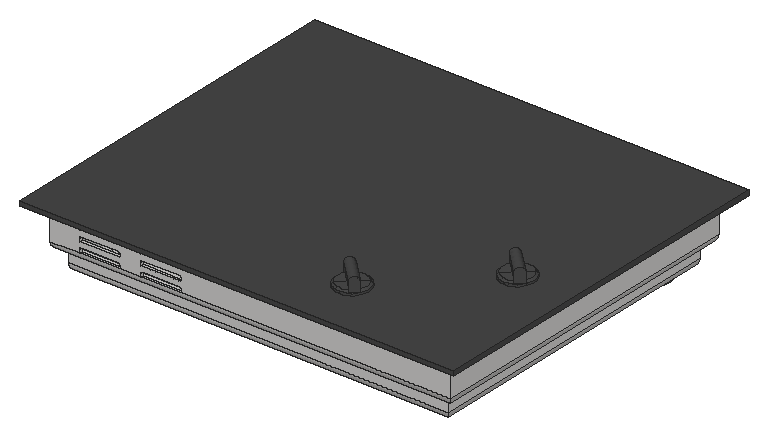
Revit family "QF_Summit_CR2B223G_2_Burner_Cooktop", category Specialty Equipment, Revit 2020
Family settings
  Round Connector Dimension = Use Diameter
  Part Type = Normal
  Work Plane-Based = No
  Always vertical = Yes
  Cut with Voids When Loaded = No
  Shared = No
  Room Calculation Point = No
Parameters
  Weight in Pounds = 18
  Watts = 1800 W
  Volts = 230 V
  URL Cutsheet = ""
  Specification by User = ""
  Specification by Manufacturer = ""
  Show Clearance [instance] = yes
  Serial Number = ""
  Seismic Rating = ""
  SMACNA No = ""
  Revision Code = ""
  Phase = 1
  Number of Poles = 1
  NAFEM Spec ID Number = ""
  Model = "CR2B223G"
  Min Ckt Ampacity = 0 A
  Max Overcurrent Protection = 0 A
  Masterspec = ""
  Manufacturer = "Summit"
  Length = 21 1/4"
  Item Number = ""
  Installed By = ""
  Identify Quantity as Lot = yes
  Height = 3 1/4"
  HP = ""
  Furnished By = ""
  Foodservice Equipment Identifier = yes
  FL Amps = 20 A
  Electrical Remarks = "1200 W (1-burner)"
  Electric Connection Type = ""
  Elec Conn RI Height = 0"
  Elec Conn Connection Height = 0"
  Description = "2-Burner Cooktop"
  Depth = 18"
  Default Elevation = 0"
  Cycle = 60 Hz
  Conn Plug = ""
  Conn Conduit = yes
  CSI MasterFormat = ""
  Apparent Power = if(Phase = 3, Volts * FL Amps * 1.73, Volts * FL Amps)  # 4600 VA
Reference planes (in)
  plane 1 "BACK": y = 0
  plane 2: z = 0
  plane 3 "LEFT": x = 0
  plane 4 "RIGHT": x = 21.25
  plane 5 "FRONT": y = -18
  plane 6 "TOP": z = 3
  plane 7 "Center Y": x = 10.625
  plane 8 "Center X": y = -9
  plane 9: z = 3.25
  plane 10: z = 4.25
Forms (in)
  Sweep 1, solid, material "QF_Metal_Stainless_Brushed"
    path origin (0, 0, 3) x (-1, 0, 0) y (0, -1, 0)
      loop
        line (0, 0) -> (0, 18) -> (-21.25, 18) -> (-21.25, 0) -> (0, 0)
    profile origin (0, -9, 3) x (1, 0, 0) y (0, 0, 1)
      loop
        line (0.8125, 0) -> (0.8125, -1.625)
        arc (0.8125, -1.625) -> (0.922335, -1.890165) -> (1.1875, -2) r 0.375
        line (1.1875, -2) -> (1.3125, -2) -> (1.3125, -2.625)
        arc (1.3125, -2.625) -> (1.422335, -2.890165) -> (1.6875, -3) r 0.375
        line (1.6875, -3) -> (1.6875, -2.875)
        arc (1.6875, -2.875) -> (1.5107233, -2.8017767) -> (1.4375, -2.625) r 0.25
        line (1.4375, -2.625) -> (1.4375, -1.875) -> (1.1875, -1.875)
        arc (1.1875, -1.875) -> (1.0107233, -1.8017767) -> (0.9375, -1.625) r 0.25
        line (0.9375, -1.625) -> (0.9375, 0) -> (0.8125, 0)
  Revolve 2, solid, material "QF_Plastic_Black_Smooth"
    sketch origin (23.6139631, -6.1360369, 0.3127421) x (0.707107, 0.707107, 0) y (0, 0, 1)
      loop
        line (-13.2426437, 2.9372579) -> (-13.2426437, 3.310037) -> (-13.9613937, 3.310037) -> (-14.0551437, 3.216287) -> (-14.0551437, 3.122537) -> (-13.3668437, 3.122537) -> (-13.3668437, 2.9372579) -> (-13.2426437, 2.9372579)
      axis (-13.2426437, 3.310037) -> (-13.2426437, 2.9372579)
    angle from 0 to 360
  Extrusion 3, solid, material "QF_Metal_Black"
    sketch origin (0, 0, 3) x (-1, 0, 0) y (0, -1, 0)
      loop
        line (0, 0) -> (0, 18) -> (-21.25, 18) -> (-21.25, 0) -> (0, 0)
    from 0 to 0.25
  Sweep 4, solid, material "QF_Rubber_Black_Smooth"
    path origin (0, -18, 1) x (1, 0, 0) y (0, 0, 1)
      loop
        line (18.25, 0) -> (18.25, -0.2517072)
        arc (18.25, -0.2517072) -> (18.1001916, -0.6133767) -> (17.7385221, -0.7631851) r 0.5114779
        line (17.7385221, -0.7631851) -> (15.40625, -0.7631851)
    profile origin (18.25, -18, 0.8741464) x (0, -1, 0) y (1, 0, 0)
      loop
        circle (-16, 1) r 0.4064891
  Extrusion 5, solid, material "QF_Metal_Stainless_Brushed"
    sketch origin (0, 0, 0) x (1, 0, 0) y (0, 1, 0)
      loop
        line (19.5630044, -1.6869767) -> (1.6875, -1.6869767) -> (1.6875, -16.3125) -> (19.5630044, -16.3125) -> (19.5630044, -1.6869767)
    from 0 to 0.125
  Extrusion 6, solid, material "QF_Plastic_Black_Smooth"
    sketch origin (-4.3936598, -17.0088835, 0) x (0.707107, 0.707107, 0) y (0, 0, 1)
      loop
        line (14.4709709, 3.5290291) -> (14.4709709, 4.0267914)
        arc (14.4709709, 4.0267914) -> (14.25, 4.2477623) -> (14.0290291, 4.0267914) r 0.2209709
        line (14.0290291, 4.0267914) -> (14.0290291, 3.5290291) -> (14.4709709, 3.5290291)
    from 11.3430342 to 12.8891988
  Revolve 7, solid, material "QF_Plastic_Black_Smooth"
    sketch origin (28.1139631, -1.6360369, 0.3127421) x (0.707107, 0.707107, 0) y (0, 0, 1)
      loop
        line (-13.2426437, 2.9372579) -> (-13.2426437, 3.310037) -> (-13.9613937, 3.310037) -> (-14.0551437, 3.216287) -> (-14.0551437, 3.122537) -> (-13.3668437, 3.122537) -> (-13.3668437, 2.9372579) -> (-13.2426437, 2.9372579)
      axis (-13.2426437, 3.310037) -> (-13.2426437, 2.9372579)
    angle from 0 to 360
  Extrusion 8, solid, material "QF_Plastic_Black_Smooth"
    sketch origin (0.1063402, -12.5088835, 0) x (0.707107, 0.707107, 0) y (0, 0, 1)
      loop
        line (14.4709709, 3.5290291) -> (14.4709709, 4.0267914)
        arc (14.4709709, 4.0267914) -> (14.25, 4.2477623) -> (14.0290291, 4.0267914) r 0.2209709
        line (14.0290291, 4.0267914) -> (14.0290291, 3.5290291) -> (14.4709709, 3.5290291)
    from 11.3430342 to 12.8891988
  Extrusion 9, void
    sketch origin (0, -18, 0) x (1, 0, 0) y (0, 0, 1)
      loop
        line (2.25, 2.375) -> (4.25, 2.375) -> (4.25, 2.525)
        arc (4.25, 2.525) -> (4.2207107, 2.5957107) -> (4.15, 2.625) r 0.1
        line (4.15, 2.625) -> (2.35, 2.625)
        arc (2.35, 2.625) -> (2.2792893, 2.5957107) -> (2.25, 2.525) r 0.1
        line (2.25, 2.525) -> (2.25, 2.375)
      loop
        line (2.25, 1.875) -> (4.25, 1.875) -> (4.25, 2.025)
        arc (4.25, 2.025) -> (4.2207107, 2.0957107) -> (4.15, 2.125) r 0.1
        line (4.15, 2.125) -> (2.35, 2.125)
        arc (2.35, 2.125) -> (2.2792893, 2.0957107) -> (2.25, 2.025) r 0.1
        line (2.25, 2.025) -> (2.25, 1.875)
      loop
        arc (2.35, 1.625) -> (2.2792893, 1.5957107) -> (2.25, 1.525) r 0.1
        line (2.25, 1.525) -> (2.25, 1.375) -> (4.25, 1.375) -> (4.25, 1.525)
        arc (4.25, 1.525) -> (4.2207107, 1.5957107) -> (4.15, 1.625) r 0.1
        line (4.15, 1.625) -> (2.35, 1.625)
      loop
        line (5.25, 2.375) -> (7.25, 2.375) -> (7.25, 2.525)
        arc (7.25, 2.525) -> (7.2207107, 2.5957107) -> (7.15, 2.625) r 0.1
        line (7.15, 2.625) -> (5.35, 2.625)
        arc (5.35, 2.625) -> (5.2792893, 2.5957107) -> (5.25, 2.525) r 0.1
        line (5.25, 2.525) -> (5.25, 2.375)
      loop
        arc (5.35, 2.125) -> (5.2792893, 2.0957107) -> (5.25, 2.025) r 0.1
        line (5.25, 2.025) -> (5.25, 1.875) -> (7.25, 1.875) -> (7.25, 2.025)
        arc (7.25, 2.025) -> (7.2207107, 2.0957107) -> (7.15, 2.125) r 0.1
        line (7.15, 2.125) -> (5.35, 2.125)
      loop
        arc (5.35, 1.625) -> (5.2792893, 1.5957107) -> (5.25, 1.525) r 0.1
        line (5.25, 1.525) -> (5.25, 1.375) -> (7.25, 1.375) -> (7.25, 1.525)
        arc (7.25, 1.525) -> (7.2207107, 1.5957107) -> (7.15, 1.625) r 0.1
        line (7.15, 1.625) -> (5.35, 1.625)
    from 0 to -1.6875
Cuts and joins
  joined: Revolve 2, Extrusion 6
  joined: Revolve 7, Extrusion 8
  Extrusion 9 cuts Sweep 1
Lines and regions (in)
  Split face 1
    outline origin (0, 0, 3.25) x (-1, 0, 0) y (0, -1, 0)
      loop
        circle (-6.5, 12) r 3.5
  Split face 2
    outline origin (0, 0, 3.25) x (-1, 0, 0) y (0, -1, 0)
      loop
        circle (-6.5, 12) r 3.4375
  Split face 3
    outline origin (0, 0, 3.25) x (-1, 0, 0) y (0, -1, 0)
      loop
        arc (-8.7097087, 9.7902913) -> (-6.5, 8.875) -> (-4.2902913, 9.7902913) r 3.125
        line (-4.2902913, 9.7902913) -> (-4.3344855, 9.8344855)
        arc (-4.3344855, 9.8344855) -> (-6.5, 8.9375) -> (-8.6655145, 9.8344855) r 3.0625
        line (-8.6655145, 9.8344855) -> (-8.7097087, 9.7902913)
  Split face 4
    outline origin (0, 0, 3.25) x (-1, 0, 0) y (0, -1, 0)
      loop
        arc (-4.2902913, 14.2097087) -> (-6.5, 15.125) -> (-8.7097087, 14.2097087) r 3.125
        line (-8.7097087, 14.2097087) -> (-8.6655145, 14.1655145)
        arc (-8.6655145, 14.1655145) -> (-6.5, 15.0625) -> (-4.3344855, 14.1655145) r 3.0625
        line (-4.3344855, 14.1655145) -> (-4.2902913, 14.2097087)
  Split face 5
    outline origin (0, 0, 3.25) x (-1, 0, 0) y (0, -1, 0)
      loop
        circle (-14, 5) r 2.75
  Split face 6
    outline origin (0, 0, 3.25) x (-1, 0, 0) y (0, -1, 0)
      loop
        circle (-14, 5) r 2.6875
  Split face 7
    outline origin (0, 0, 3.25) x (-1, 0, 0) y (0, -1, 0)
      loop
        arc (-15.6793786, 3.3206214) -> (-14, 2.625) -> (-12.3206214, 3.3206214) r 2.375
        line (-12.3206214, 3.3206214) -> (-12.3648156, 3.3648156)
        arc (-12.3648156, 3.3648156) -> (-14, 2.6875) -> (-15.6351844, 3.3648156) r 2.3125
        line (-15.6351844, 3.3648156) -> (-15.6793786, 3.3206214)
  Split face 8
    outline origin (0, 0, 3.25) x (-1, 0, 0) y (0, -1, 0)
      loop
        arc (-12.3206214, 6.6793786) -> (-14, 7.375) -> (-15.6793786, 6.6793786) r 2.375
        line (-15.6793786, 6.6793786) -> (-15.6351844, 6.6351844)
        arc (-15.6351844, 6.6351844) -> (-14, 7.3125) -> (-12.3648156, 6.6351844) r 2.3125
        line (-12.3648156, 6.6351844) -> (-12.3206214, 6.6793786)
  Split face 9
    outline origin (0, 0, 3.25) x (-1, 0, 0) y (0, -1, 0)
      loop
        arc (-15.6298976, 15.5) -> (-14.3194051, 16.6706703) -> (-13.0181708, 15.4897178) r 1.3130658
        line (-13.0181708, 15.4897178) -> (-12.7569981, 15.5)
        arc (-12.7569981, 15.5) -> (-14.1934478, 16.8810103) -> (-15.6298976, 15.5) r 1.4375625
  Split face 10
    outline origin (0, 0, 3.25) x (-1, 0, 0) y (0, -1, 0)
      loop
        arc (-20.1298976, 11) -> (-18.8194051, 12.1706703) -> (-17.5181708, 10.9897178) r 1.3130658
        line (-17.5181708, 10.9897178) -> (-17.2569981, 11)
        arc (-17.2569981, 11) -> (-18.6934478, 12.3810103) -> (-20.1298976, 11) r 1.4375625
  Split face 11
    outline origin (0, 0, 3.25) x (-1, 0, 0) y (0, -1, 0)
      loop
        circle (-15.6642136, 14.0857864) r 0.3125
  Split face 12
    outline origin (0, 0, 3.25) x (-1, 0, 0) y (0, -1, 0)
      loop
        circle (-15.6642136, 14.0857864) r 0.28125
  Split face 13
    outline origin (0, 0, 3.25) x (-1, 0, 0) y (0, -1, 0)
      loop
        circle (-17.3357864, 12.4142136) r 0.3125
  Split face 14
    outline origin (0, 0, 3.25) x (-1, 0, 0) y (0, -1, 0)
      loop
        circle (-17.3357864, 12.4142136) r 0.28125
  Split face 15
    outline origin (0, 0, 3.25) x (-1, 0, 0) y (0, -1, 0)
      loop
        line (-18.8680917, 16.6928889) -> (-20.343353, 15.2176276) -> (-20.0389911, 14.9132656) -> (-19.1269606, 15.4507557) -> (-18.5635805, 16.3883777) -> (-18.8680917, 16.6928889)
  Split face 16
    outline origin (0, 0, 3.25) x (-1, 0, 0) y (0, -1, 0)
      loop
        line (-17.8844782, 14.9173209) -> (-18.1673209, 14.6344782)
        arc (-18.1673209, 14.6344782) -> (-18.1819656, 14.5991229) -> (-18.1673209, 14.5637675) r 0.05
        line (-18.1673209, 14.5637675) -> (-17.8844782, 14.2809248)
        arc (-17.8844782, 14.2809248) -> (-17.8491229, 14.2662802) -> (-17.8137675, 14.2809248) r 0.05
        line (-17.8137675, 14.2809248) -> (-17.5309248, 14.5637675)
        arc (-17.5309248, 14.5637675) -> (-17.5162802, 14.5991229) -> (-17.5309248, 14.6344782) r 0.05
        line (-17.5309248, 14.6344782) -> (-17.8137675, 14.9173209)
        arc (-17.8137675, 14.9173209) -> (-17.8491229, 14.9319656) -> (-17.8844782, 14.9173209) r 0.05
  Split face 17
    outline origin (0, 0, 3.25) x (-1, 0, 0) y (0, -1, 0)
      loop
        line (-17.8491229, 14.3339578) -> (-17.5839578, 14.5991229) -> (-17.8491229, 14.8642879) -> (-18.1142879, 14.5991229) -> (-17.8491229, 14.3339578)
  symbolic lines
    curve 1: line (0, -18, 25.375) -> (0, -18, 24.375)
    curve 2: arc (14.9734284, -15.869875, 3) -> (14.8245413, -14.9254587, 3) -> (13.880125, -14.7765716, 3) r 0.8124893
    curve 3: line (13.5265716, -15.130125, 3) -> (14.619875, -16.2234284, 3)
    curve 4: line (14.9734284, -15.869875, 3) -> (13.880125, -14.7765716, 3)
    curve 8: arc (19.4734284, -11.369875, 3) -> (19.3245413, -10.4254587, 3) -> (18.380125, -10.2765716, 3) r 0.8124893
    curve 9: line (18.0265716, -10.630125, 3) -> (19.119875, -11.7234284, 3)
    curve 10: line (19.4734284, -11.369875, 3) -> (18.380125, -10.2765716, 3)
    curve 11: line (13.880125, -14.7765716, 3) -> (13.5265716, -15.130125, 3)
    curve 12: line (14.9734284, -15.869875, 3) -> (14.619875, -16.2234284, 3)
    curve 13: arc (13.5265716, -15.130125, 3) -> (13.6754587, -16.0745413, 3) -> (14.619875, -16.2234284, 3) r 0.8124893
    curve 17: line (18.380125, -10.2765716, 3) -> (18.0265716, -10.630125, 3)
    curve 18: line (19.4734284, -11.369875, 3) -> (19.119875, -11.7234284, 3)
    curve 19: arc (18.0265716, -10.630125, 3) -> (18.1754587, -11.5745413, 3) -> (19.119875, -11.7234284, 3) r 0.8124893
    curve 20: arc (14.758233, -14.991767, 3) -> (14.3769982, -14.7925588, 3) -> (13.9502782, -14.8467248, 3) r 0.71875
    curve 21: arc (13.741767, -16.008233, 3) -> (14.1230018, -16.2074412, 3) -> (14.5497218, -16.1532752, 3) r 0.71875
    curve 22: arc (13.5967248, -15.2002782, 3) -> (13.5425588, -15.6269982, 3) -> (13.741767, -16.008233, 3) r 0.71875
    curve 23: arc (14.9032752, -15.7997218, 3) -> (14.9574412, -15.3730018, 3) -> (14.758233, -14.991767, 3) r 0.71875
    curve 28: arc (19.258233, -10.491767, 3) -> (18.8769982, -10.2925588, 3) -> (18.4502782, -10.3467248, 3) r 0.71875
    curve 29: arc (18.241767, -11.508233, 3) -> (18.6230018, -11.7074412, 3) -> (19.0497218, -11.6532752, 3) r 0.71875
    curve 30: arc (18.0967248, -10.7002782, 3) -> (18.0425588, -11.1269982, 3) -> (18.241767, -11.508233, 3) r 0.71875
    curve 31: arc (19.4032752, -11.2997218, 3) -> (19.4574412, -10.8730018, 3) -> (19.258233, -10.491767, 3) r 0.71875
    curve 32: line (6.5, -15.5, 3) -> (6.5, -16.5149359, 3)
    curve 33: line (6.5, -16.5149359, 3) -> (13.2350641, -16.5149359, 3)
    curve 34: line (19.7649359, -5, 3) -> (16.75, -5, 3)
    curve 35: line (19.7649359, -9.9850641, 3) -> (19.7649359, -5, 3)
    curve 36: arc (3, -12, 3) -> (6.5, -8.5, 3) -> (10, -12, 3) r 3.5
    curve 37: arc (10, -12, 3) -> (6.5, -15.5, 3) -> (3, -12, 3) r 3.5
    curve 38: arc (16.75, -5, 3) -> (14, -7.75, 3) -> (11.25, -5, 3) r 2.75
    curve 39: arc (11.25, -5, 3) -> (14, -2.25, 3) -> (16.75, -5, 3) r 2.75
    curve 40: arc (17.5181708, -10.9897178, 3) -> (18.8194051, -12.1706703, 3) -> (20.1298976, -11, 3) r 1.3130658
    curve 41: arc (18.75, -9.5069981, 3) -> (19.709958, -11.959958, 3) -> (17.2569981, -11, 3) r 1.4375625
    curve 42: line (17.2569981, -11, 3) -> (17.5181708, -10.9897178, 3)
    curve 43: arc (13.0181708, -15.4897178, 3) -> (14.3194051, -16.6706703, 3) -> (15.6298976, -15.5, 3) r 1.3130658
    curve 44: arc (14.25, -14.0069981, 3) -> (15.209958, -16.459958, 3) -> (12.7569981, -15.5, 3) r 1.4375625
    curve 45: line (12.7569981, -15.5, 3) -> (13.0181708, -15.4897178, 3)
    curve 46: line (18.5635805, -16.3883777, 3) -> (19.1269606, -15.4507557, 3)
    curve 47: line (19.1269606, -15.4507557, 3) -> (20.0389911, -14.9132656, 3)
    curve 48: line (20.0389911, -14.9132656, 3) -> (20.343353, -15.2176276, 3)
    curve 49: line (20.343353, -15.2176276, 3) -> (18.8680917, -16.6928889, 3)
    curve 50: line (18.8680917, -16.6928889, 3) -> (18.5635805, -16.3883777, 3)
    curve 51: line (17.8137675, -14.9173209, 3) -> (17.5309248, -14.6344782, 3)
    curve 52: arc (17.5309248, -14.6344782, 3) -> (17.5162802, -14.5991229, 3) -> (17.5309248, -14.5637675, 3) r 0.05
    curve 53: line (17.5309248, -14.5637675, 3) -> (17.8137675, -14.2809248, 3)
    curve 54: arc (17.8137675, -14.2809248, 3) -> (17.8491229, -14.2662802, 3) -> (17.8844782, -14.2809248, 3) r 0.05
    curve 55: line (17.8844782, -14.2809248, 3) -> (18.1673209, -14.5637675, 3)
    curve 56: arc (18.1673209, -14.5637675, 3) -> (18.1819656, -14.5991229, 3) -> (18.1673209, -14.6344782, 3) r 0.05
    curve 57: line (18.1673209, -14.6344782, 3) -> (17.8844782, -14.9173209, 3)
    curve 58: arc (17.8844782, -14.9173209, 3) -> (17.8491229, -14.9319656, 3) -> (17.8137675, -14.9173209, 3) r 0.05
    curve 59: arc (15.9767136, -14.0857864, 3) -> (15.6642136, -14.3982864, 3) -> (15.3517136, -14.0857864, 3) r 0.3125
    curve 60: arc (15.3517136, -14.0857864, 3) -> (15.6642136, -13.7732864, 3) -> (15.9767136, -14.0857864, 3) r 0.3125
    curve 61: arc (15.3829636, -14.0857864, 3) -> (15.6642136, -14.3670364, 3) -> (15.9454636, -14.0857864, 3) r 0.28125
    curve 62: arc (15.9454636, -14.0857864, 3) -> (15.6642136, -13.8045364, 3) -> (15.3829636, -14.0857864, 3) r 0.28125
    curve 63: arc (17.6482864, -12.4142136, 3) -> (17.3357864, -12.7267136, 3) -> (17.0232864, -12.4142136, 3) r 0.3125
    curve 64: arc (17.0232864, -12.4142136, 3) -> (17.3357864, -12.1017136, 3) -> (17.6482864, -12.4142136, 3) r 0.3125
    curve 65: arc (17.6170364, -12.4142136, 3) -> (17.3357864, -12.1329636, 3) -> (17.0545364, -12.4142136, 3) r 0.28125
    curve 66: arc (17.0545364, -12.4142136, 3) -> (17.3357864, -12.6954636, 3) -> (17.6170364, -12.4142136, 3) r 0.28125
    curve 67: arc (8.7097087, -9.7902913, 3) -> (6.5, -8.875, 3) -> (4.2902913, -9.7902913, 3) r 3.125
    curve 68: arc (4.2902913, -14.2097087, 3) -> (6.5, -15.125, 3) -> (8.7097087, -14.2097087, 3) r 3.125
    curve 69: arc (12.3206214, -6.6793786, 3) -> (14, -7.375, 3) -> (15.6793786, -6.6793786, 3) r 2.375
    curve 70: arc (15.6793786, -3.3206214, 3) -> (14, -2.625, 3) -> (12.3206214, -3.3206214, 3) r 2.375
    curve 71: line (0, 0, 3) -> (21.25, 0, 3)
    curve 72: line (0, -18, 3) -> (0, 0, 3)
    curve 73: line (21.25, -18, 3) -> (0, -18, 3)
    curve 74: line (21.25, 0, 3) -> (21.25, -18, 3)
  symbolic lines, not visible
    curve 5: arc (22.3383581, -4.0073563, 2.6872579) -> (21.5652758, -4.5698804, 2.6872579) -> (20.7921935, -4.0073563, 2.6872579) r 0.8124893
    curve 6: line (20.7921935, -3.5073563, 2.6872579) -> (22.3383581, -3.5073563, 2.6872579)
    curve 7: line (22.3383581, -4.0073563, 2.6872579) -> (20.7921935, -4.0073563, 2.6872579)
    curve 14: line (20.7921935, -4.0073563, 2.6872579) -> (20.7921935, -3.5073563, 2.6872579)
    curve 15: line (22.3383581, -4.0073563, 2.6872579) -> (22.3383581, -3.5073563, 2.6872579)
    curve 16: arc (20.7921935, -3.5073563, 2.6872579) -> (21.5652758, -2.9448322, 2.6872579) -> (22.3383581, -3.5073563, 2.6872579) r 0.8124893
    curve 24: arc (21.5652758, -4.4761063, 2.6872579) -> (21.1548406, -4.3473941, 2.6872579) -> (20.8914052, -4.0073563, 2.6872579) r 0.71875
    curve 25: arc (21.5652758, -3.0386063, 2.6872579) -> (21.975711, -3.1673186, 2.6872579) -> (22.2391464, -3.5073563, 2.6872579) r 0.71875
    curve 26: arc (20.8914052, -3.5073563, 2.6872579) -> (21.1548406, -3.1673186, 2.6872579) -> (21.5652758, -3.0386063, 2.6872579) r 0.71875
    curve 27: arc (22.2391464, -4.0073563, 2.6872579) -> (21.975711, -4.3473941, 2.6872579) -> (21.5652758, -4.4761063, 2.6872579) r 0.71875
Dimensions and locks (in)
  equal spacing: plane 3 "LEFT", plane 7 "Center Y", plane 4 "RIGHT"
  "Length": plane 3 "LEFT" to plane 4 "RIGHT"
  equal spacing: plane 5 "FRONT", plane 8 "Center X", plane 1 "BACK"
  "Depth": plane 5 "FRONT" to plane 1 "BACK"
  "Height": plane 9 to level
  plane 9 to plane 6 "TOP" = 1/4"
  plane 10 to plane 9 = 1"
  aligned and locked: level to plane 2
Automatic sketch dimensions
  Revolve 2 sketch curve to Revolve 2 sketch curve = 0.1242"
  Revolve 2 sketch curve to Revolve 2 sketch curve = 0"
  Revolve 2 sketch curve to Revolve 2 sketch curve = 0.06274"
  Revolve 2 sketch curve to Revolve 2 sketch curve = 0.30818"
  curve 1 to plane 5 "FRONT" = 0"
  plane 9 to curve 1 = 21 1/8"
  curve 1 to curve 1 = 1"
  plane 4 "RIGHT" to Sweep 1 sketch curve = 0"
  plane 3 "LEFT" to Sweep 1 sketch curve = 0"
  plane 1 "BACK" to Sweep 1 sketch curve = 0"
  Sweep 1 sketch curve to plane 5 "FRONT" = 0"
  Sweep 1 sketch curve to Sweep 1 sketch curve = 0"  (x3)
  Sweep 1 sketch curve to plane 6 "TOP" = 0"
  Sweep 1 sketch curve to profile plane = 13/16"
  Sweep 1 sketch curve to Sweep 1 sketch curve = 1/8"  (x3)
  Sweep 1 sketch curve to Sweep 1 sketch curve = 1/4"  (x2)
  Sweep 1 sketch curve to plane 6 "TOP" = 1 5/8"
  Sweep 1 sketch curve to Sweep 1 sketch curve = 5/8"
  plane 1 "BACK" to Extrusion 3 sketch curve = 0"
  Extrusion 3 sketch curve to plane 4 "RIGHT" = 0"
  Extrusion 3 sketch curve to plane 3 "LEFT" = 0"
  plane 5 "FRONT" to Extrusion 3 sketch curve = 0"
  plane 3 "LEFT" to Extrusion 5 sketch curve = 1 11/16"
  plane 4 "RIGHT" to Extrusion 5 sketch curve = 1.687"
  Extrusion 5 sketch curve to plane 5 "FRONT" = 1 11/16"
  plane 1 "BACK" to Extrusion 5 sketch curve = 1.68698"
  level to Sweep 4 sketch curve = 0.74829"
  plane 4 "RIGHT" to Sweep 4 sketch curve = 3.51148"
  Sweep 4 sketch curve to Sweep 4 sketch curve = 0.51148"
  Sweep 4 sketch curve to Sweep 4 sketch curve = 2.33227"
  Sweep 4 sketch curve to Sweep 4 sketch curve = 0.25171"
  Split face 2 sketch curve to Split face 2 sketch curve = 0"  (x2)
  Split face 2 sketch curve to Extrusion 3 = 6 1/2"
  Split face 2 sketch curve to Extrusion 3 = 6"
  Split face 2 sketch curve to Split face 2 sketch curve = 3 7/16"
  Split face 3 sketch curve to Split face 3 sketch curve = 0"  (x2)
  Split face 3 sketch curve to Extrusion 3 = 8.70971"
  Split face 3 sketch curve to Split face 3 sketch curve = 0.04419"  (x3)
  Split face 3 sketch curve to Split face 3 sketch curve = 2.16551"  (x3)
  Split face 3 sketch curve to Extrusion 3 = 8.20971"
  Split face 4 sketch curve to Split face 4 sketch curve = 0"  (x2)
  Split face 4 sketch curve to Extrusion 3 = 3.79029"
  Split face 4 sketch curve to Extrusion 3 = 8.70971"
  Split face 4 sketch curve to Extrusion 3 = 3.83449"
  Split face 4 sketch curve to Split face 4 sketch curve = 0.04419"  (x2)
  Split face 4 sketch curve to Split face 4 sketch curve = 2.16551"  (x3)
  Split face 6 sketch curve to Split face 6 sketch curve = 0"  (x2)
  Split face 6 sketch curve to Extrusion 3 = 7 1/4"
  Split face 6 sketch curve to Extrusion 3 = 5"
  Split face 6 sketch curve to Split face 6 sketch curve = 2 11/16"
  Split face 7 sketch curve to Split face 7 sketch curve = 0"  (x2)
  Split face 7 sketch curve to Extrusion 3 = 7 1/4"
  Split face 7 sketch curve to Extrusion 3 = 3.36482"
  Split face 7 sketch curve to Split face 7 sketch curve = 1.63518"  (x3)
  Split face 7 sketch curve to Extrusion 3 = 3.32062"
  Split face 7 sketch curve to Split face 7 sketch curve = 0.04419"  (x2)
  Split face 8 sketch curve to Split face 8 sketch curve = 0"  (x2)
  Split face 8 sketch curve to Extrusion 3 = 7 1/4"
  Split face 8 sketch curve to Split face 8 sketch curve = 1.63518"  (x3)
  Split face 8 sketch curve to Extrusion 3 = 6.67938"
  Split face 8 sketch curve to Split face 8 sketch curve = 0.04419"  (x3)
  Split face 9 sketch curve to Extrusion 3 = 6.92543"
  Split face 9 sketch curve to Split face 9 sketch curve = 0.13113"
  Split face 9 sketch curve to Extrusion 3 = 2.51028"
  Split face 9 sketch curve to Split face 9 sketch curve = 1.17528"
  Split face 9 sketch curve to Extrusion 3 = 2 1/2"
  Split face 9 sketch curve to Split face 9 sketch curve = 0.26117"
  Split face 9 sketch curve to Split face 9 sketch curve = 0.08583"
  Split face 9 sketch curve to Split face 9 sketch curve = 1.30532"
  Split face 10 sketch curve to Extrusion 3 = 2.42543"
  Split face 10 sketch curve to Split face 10 sketch curve = 0.13113"
  Split face 10 sketch curve to Split face 10 sketch curve = 1.17528"
  Split face 10 sketch curve to Split face 10 sketch curve = 0.26117"
  Split face 10 sketch curve to Extrusion 3 = 7.14239"
  Split face 10 sketch curve to Split face 10 sketch curve = 0.08583"
  Split face 10 sketch curve to Split face 10 sketch curve = 0.04627"
  Split face 10 sketch curve to Split face 10 sketch curve = 0.01028"
  Revolve 2 sketch curve to Revolve 2 sketch curve = 0.18528"
  Revolve 2 sketch curve to Revolve 2 sketch curve = 0.59455"
  Revolve 2 sketch curve to Revolve 2 sketch curve = 3/16"
  Revolve 2 sketch curve to Revolve 2 sketch curve = 3/32"  (x2)
  Extrusion 6 sketch curve to Extrusion 6 sketch curve = 0.22097"
  Extrusion 6 sketch curve to Extrusion 6 sketch curve = 0.49776"
  Revolve 7 sketch curve to Revolve 7 sketch curve = 0.1242"
  Revolve 7 sketch curve to Revolve 7 sketch curve = 0"
  Revolve 7 sketch curve to Revolve 7 sketch curve = 0.06274"
  Revolve 7 sketch curve to Revolve 7 sketch curve = 0.30818"
  Revolve 7 sketch curve to Revolve 7 sketch curve = 0.18528"
  Revolve 7 sketch curve to Revolve 7 sketch curve = 0.59455"
  Revolve 7 sketch curve to Revolve 7 sketch curve = 3/16"
  Revolve 7 sketch curve to Revolve 7 sketch curve = 3/32"  (x2)
  Extrusion 8 sketch curve to Extrusion 8 sketch curve = 0.22097"
  Extrusion 8 sketch curve to Extrusion 8 sketch curve = 0.49776"
  curve 2 to curve 20 = 1/4"
  curve 4 to curve 11 = 1/2"
  curve 13 to curve 21 = 0.77308"
  curve 23 to curve 13 = 0.71878"
  curve 2 to curve 13 = 0.00007"  (x2)
  curve 20 to curve 22 = 0"  (x3)
  curve 20 to curve 22 = 23/32"
  curve 2 to curve 23 = 0.00003"  (x2)
  curve 13 to curve 23 = 0"  (x2)
  curve 21 to curve 23 = 0"  (x4)
  curve 22 to curve 23 = 0"  (x3)
  curve 2 to curve 13 = 0"
  curve 2 to curve 20 = 0.00003"
  curve 2 to curve 20 = 0"
  curve 2 to curve 21 = 0.00003"
  curve 2 to curve 21 = 0"
  curve 2 to curve 22 = 0.00003"
  curve 2 to curve 22 = 0"
  curve 2 to curve 23 = 0"
  curve 20 to curve 13 = 0.00003"
  curve 13 to curve 20 = 0"
  curve 21 to curve 13 = 0.00003"
  curve 13 to curve 21 = 0"
  curve 22 to curve 13 = 0.00003"
  curve 13 to curve 22 = 0"
  curve 23 to curve 13 = 0.00003"
  curve 20 to curve 21 = 0"  (x2)
  curve 20 to curve 23 = 0"  (x2)
  curve 21 to curve 22 = 0"  (x2)
  curve 5 to curve 24 = 1/4"
  curve 7 to curve 14 = 1/2"
  curve 25 to curve 16 = 0.77308"
  curve 27 to curve 16 = 0.71878"
  curve 5 to curve 16 = 0.00007"  (x2)
  curve 24 to curve 26 = 0"  (x3)
  curve 24 to curve 26 = 23/32"
  curve 5 to curve 27 = 0.00003"  (x2)
  curve 16 to curve 27 = 0"  (x2)
  curve 25 to curve 27 = 0"  (x4)
  curve 26 to curve 27 = 0"  (x3)
  curve 5 to curve 16 = 0"
  curve 5 to curve 24 = 0.00003"
  curve 5 to curve 24 = 0"
  curve 5 to curve 25 = 0.00003"
  curve 5 to curve 25 = 0"
  curve 5 to curve 26 = 0.00003"
  curve 5 to curve 26 = 0"
  curve 5 to curve 27 = 0"
  curve 24 to curve 16 = 0.00003"
  curve 16 to curve 24 = 0"
  curve 25 to curve 16 = 0.00003"
  curve 16 to curve 25 = 0"
  curve 26 to curve 16 = 0.00003"
  curve 16 to curve 26 = 0"
  curve 27 to curve 16 = 0.00003"
  curve 24 to curve 25 = 0"  (x2)
  curve 24 to curve 27 = 0"  (x2)
  curve 25 to curve 26 = 0"  (x2)
  curve 8 to curve 28 = 1/4"
  curve 10 to curve 17 = 1/2"
  curve 19 to curve 29 = 0.77308"
  curve 31 to curve 19 = 0.71878"
  curve 8 to curve 19 = 0.00007"  (x2)
  curve 28 to curve 30 = 0"  (x3)
  curve 28 to curve 30 = 23/32"
  curve 8 to curve 31 = 0.00003"  (x2)
  curve 19 to curve 31 = 0"  (x2)
  curve 29 to curve 31 = 0"  (x4)
  curve 30 to curve 31 = 0"  (x3)
  curve 8 to curve 19 = 0"
  curve 8 to curve 28 = 0.00003"
  curve 8 to curve 28 = 0"
  curve 8 to curve 29 = 0.00003"
  curve 8 to curve 29 = 0"
  curve 8 to curve 30 = 0.00003"
  curve 8 to curve 30 = 0"
  curve 8 to curve 31 = 0"
  curve 28 to curve 19 = 0.00003"
  curve 19 to curve 28 = 0"
  curve 29 to curve 19 = 0.00003"
  curve 19 to curve 29 = 0"
  curve 30 to curve 19 = 0.00003"
  curve 19 to curve 30 = 0"
  curve 31 to curve 19 = 0.00003"
  curve 28 to curve 29 = 0"  (x2)
  curve 28 to curve 31 = 0"  (x2)
  curve 29 to curve 30 = 0"  (x2)
  Split face 15 sketch curve to Extrusion 3 = 0.90665"
  Split face 15 sketch curve to Split face 15 sketch curve = 0.30436"  (x2)
  Split face 15 sketch curve to Split face 15 sketch curve = 0.91203"
  Split face 15 sketch curve to Extrusion 3 = 3.08673"
  Split face 15 sketch curve to Split face 15 sketch curve = 0.53749"
  Split face 15 sketch curve to Extrusion 3 = 1.30711"
  Split face 15 sketch curve to Split face 15 sketch curve = 0.30451"
  Extrusion 9 sketch curve to plane 6 "TOP" = 5/8"
  plane 3 "LEFT" to Extrusion 9 sketch curve = 2 1/4"
  Extrusion 9 sketch curve to Extrusion 9 sketch curve = 0.1"  (x16)
  Extrusion 9 sketch curve to plane 6 "TOP" = 0.475"
  Extrusion 9 sketch curve to Extrusion 9 sketch curve = 1.8"  (x2)
  Extrusion 9 sketch curve to Extrusion 9 sketch curve = 0"  (x4)
  Extrusion 9 sketch curve to Extrusion 9 sketch curve = 1/4"  (x2)
  Extrusion 9 sketch curve to Extrusion 9 sketch curve = 0.15"  (x5)
  Extrusion 9 sketch curve to Extrusion 9 sketch curve = 1"
  Extrusion 9 sketch curve to plane 6 "TOP" = 3/8"
  Extrusion 9 sketch curve to Extrusion 9 sketch curve = 1/2"  (x2)
  Split face 16 sketch curve to Extrusion 3 = 3.08268"
  Split face 16 sketch curve to Split face 16 sketch curve = 0"
  Split face 16 sketch curve to Split face 16 sketch curve = 0.03536"  (x11)
  Split face 16 sketch curve to Split face 16 sketch curve = 0.28284"  (x6)
  Split face 16 sketch curve to Extrusion 3 = 3.71908"
  Split face 17 sketch curve to Extrusion 3 = 3.13571"
  Split face 17 sketch curve to Split face 17 sketch curve = 0.26517"  (x3)
  Split face 17 sketch curve to Extrusion 3 = 3.66604"
  curve 36 to curve 37 = 0"  (x2)
  curve 36 to curve 67 = 0"  (x2)
  curve 36 to curve 68 = 0"  (x2)
  curve 37 to curve 67 = 0"  (x2)
  curve 37 to curve 68 = 0"  (x2)
  curve 38 to curve 39 = 0"  (x2)
  curve 38 to curve 69 = 0"  (x2)
  curve 38 to curve 70 = 0"  (x2)
  curve 39 to curve 69 = 0"  (x2)
  curve 39 to curve 70 = 0"  (x2)
  curve 59 to curve 60 = 0"  (x2)
  curve 59 to curve 61 = 0"  (x2)
  curve 59 to curve 62 = 0"  (x2)
  curve 60 to curve 61 = 0"  (x2)
  curve 60 to curve 62 = 0"  (x2)
  curve 61 to curve 62 = 0"  (x2)
  curve 63 to curve 64 = 0"  (x2)
  curve 63 to curve 65 = 0"  (x2)
  curve 63 to curve 66 = 0"  (x2)
  curve 64 to curve 65 = 0"  (x2)
  curve 64 to curve 66 = 0"  (x2)
  curve 65 to curve 66 = 0"  (x2)
  curve 67 to curve 68 = 0"  (x2)
  curve 69 to curve 70 = 0"  (x2)
  plane 1 "BACK" to curve 74 = 0"
  curve 74 to plane 4 "RIGHT" = 0"
  curve 73 to plane 3 "LEFT" = 0"
  plane 5 "FRONT" to curve 73 = 0"
  plane 4 "RIGHT" to curve 48 = 0.90665"
  curve 48 to curve 48 = 0.30436"
  plane 4 "RIGHT" to curve 35 = 1.48506"
  curve 47 to curve 46 = 0.91203"
  curve 50 to plane 5 "FRONT" = 1.30711"
  curve 46 to curve 50 = 0.25887"
  curve 35 to curve 40 = 0.94036"
  curve 40 to curve 41 = 0.13113"
  curve 46 to plane 5 "FRONT" = 1.61162"
  curve 49 to curve 46 = 0.30451"
  curve 46 to curve 55 = 0.95964"
  curve 57 to curve 56 = 0"
  curve 56 to curve 56 = 0.03536"  (x2)
  curve 56 to curve 55 = 0.28284"
  curve 56 to curve 57 = 0.28284"
  curve 54 to curve 54 = 0.03536"
  curve 58 to curve 58 = 0.03536"
  curve 54 to curve 53 = 0.03536"
  curve 58 to curve 51 = 0.03536"  (x2)
  curve 58 to curve 52 = 0.28284"
  curve 52 to curve 51 = 0.03536"
  curve 52 to curve 53 = 0.03536"
  curve 41 to curve 42 = 1.17528"
  curve 42 to curve 65 = 0.18238"
  curve 42 to plane 8 "Center X" = 2"
  curve 40 to curve 42 = 0.26117"
  curve 34 to curve 34 = 3.01494"
  curve 52 to curve 59 = 1.86671"
  curve 59 to curve 43 = 1.33964"
  curve 43 to curve 44 = 0.13113"
  curve 38 to curve 70 = 2 3/4"
  curve 44 to curve 45 = 1.17528"
  curve 43 to curve 45 = 0.26117"
  curve 33 to plane 5 "FRONT" = 1.48506"
  curve 33 to plane 7 "Center Y" = 4 1/8"
  curve 37 to curve 32 = 0"
  plane 8 "Center X" to curve 35 = 4"
  curve 40 to curve 42 = 0.14239"
  curve 40 to curve 41 = 0.08583"
  curve 42 to curve 42 = 0.01028"
  curve 36 to plane 8 "Center X" = 3"
  curve 41 to curve 66 = 1.41421"
  curve 63 to curve 59 = 1.67157"
  curve 60 to curve 53 = 0.19514"
  curve 53 to curve 54 = 0.03536"
  curve 53 to curve 53 = 0.28284"
  curve 54 to curve 55 = 0.28284"
  curve 53 to curve 52 = 0.03536"
  curve 52 to curve 58 = 0.28284"
  curve 43 to curve 33 = 1.15732"
  curve 43 to curve 44 = 0.08583"
  curve 47 to curve 46 = 0.53749"
  curve 45 to curve 33 = 1.02522"
  curve 43 to curve 45 = 0.01028"
  curve 41 to plane 8 "Center X" = 0.507"
  curve 63 to curve 63 = 5/16"
  curve 63 to curve 66 = 1/32"
  curve 60 to curve 59 = 5/16"
  curve 59 to curve 62 = 1/32"
  curve 39 to curve 69 = 1.07062"
  curve 38 to curve 70 = 1.07062"
  curve 60 to curve 44 = 1.10171"
  plane 7 "Center Y" to curve 69 = 1.69562"
  plane 7 "Center Y" to curve 70 = 1.69562"
  curve 37 to plane 7 "Center Y" = 5/8"
  curve 68 to plane 7 "Center Y" = 1.91529"
  curve 67 to plane 8 "Center X" = 0.79029"  (x2)
  curve 67 to plane 7 "Center Y" = 1.91529"
  curve 32 to curve 68 = 2.20971"
  curve 70 to curve 38 = 1.67938"
  curve 39 to curve 69 = 1.67938"
  curve 68 to curve 32 = 1.29029"
Connectors (in)
  electrical at (15.40625, -2, -0.7631851), driven by "Volts"
    settings: on Sweep 4, index 1, voltage 230 V, apparent load 0 VA, apparent load phase1 0 VA, apparent load phase2 0 VA, apparent load phase3 0 VA, power factor 1, load classification "Other", number of poles 1, system type 30, power factor state 1, is connector primary yes, connector utility no, sub classification motor no, connector description "Electrical Connection"
